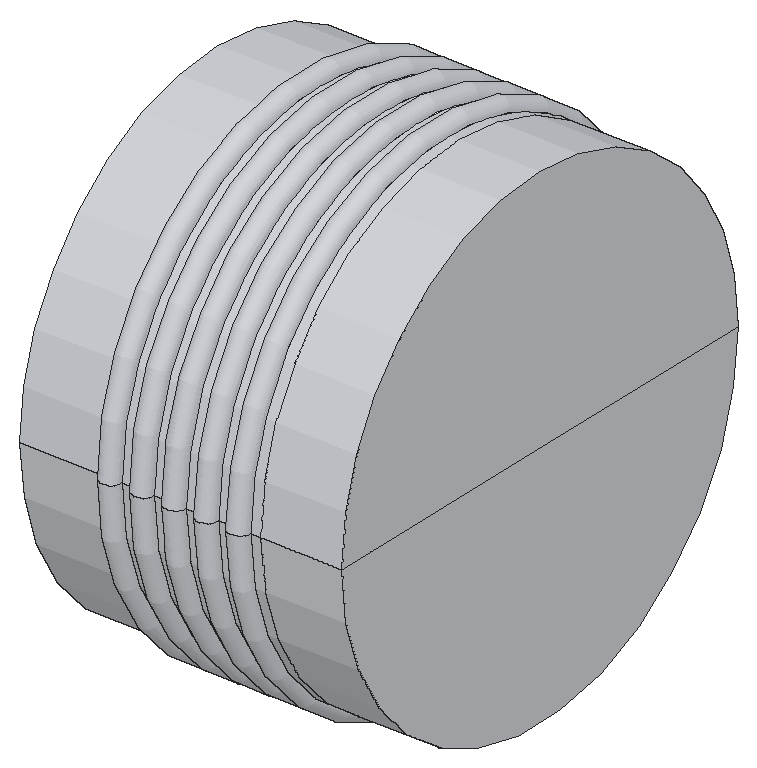
Revit family "Expansão abaixo - 65-500 mm - Solada - Aço", category Acessórios do tubo, Revit 2019
Family settings
  Cota do conector redondo = Usar raio
  Tipo de parte = Quebra em
  Com base no plano de trabalho = Não
  Sempre na vertical = Sim
  Corte com vazios quando carregada = Não
  Compartilhado = Não
Parameters (values of type "500mm")
  Espessura = 1.5
  URL = ""
  Comprimento 2 = Raio nominal * 0.4  # 100 mm
  Comprimento 1 = Comprimento do corpo / 4  # 82.5 mm
  K Coefficient = 0
  Raio do corpo = 7.5 mm
  Raio nominal = Diâmetro nominal / 2  # 250 mm
  Diâmetro nominal = 500 mm
  Model = ""
  Modelador = ""
  Manufacturer = ""
  Material abaixo = none
  Description = ""
  Comprimento do corpo = 330 mm
  Diâmetro do corpo = 508 mm
  Assembly Code = ""
Types (12, lengths in mm): name | Comprimento 2 | Comprimento 1 | Raio nominal | Diâmetro nominal | Comprimento do corpo | Diâmetro do corpo
  65mm | 13 | 57.5 | 32.5 | 65 | 230 | 73
  80mm | 16 | 65 | 40 | 80 | 260 | 88.9
  100mm | 20 | 85 | 50 | 100 | 340 | 114.3
  125mm | 25 | 85 | 62.5 | 125 | 340 | 141.3
  150mm | 30 | 86.25 | 75 | 150 | 345 | 168.3
  200mm | 40 | 87.5 | 100 | 200 | 350 | 219.1
  250mm | 50 | 92.5 | 125 | 250 | 370 | 273
  300mm | 60 | 92.5 | 150 | 300 | 370 | 323.8
  350mm | 70 | 82.5 | 175 | 350 | 330 | 355.6
  400mm | 80 | 82.5 | 200 | 400 | 330 | 406.4
  450mm | 90 | 82.5 | 225 | 450 | 330 | 457
  500mm | 100 | 82.5 | 250 | 500 | 330 | 508
Reference planes
  plane 1 "Centro (frente/trás)": y = 0
  plane 2: z = 0
  plane 3 "Centro (direita/esquerda)": x = 0
  plane 4 "Plano BL": x = 330
  plane 5: x = 82.5
  plane 6: x = 247.5
  plane 7: x = 93.5
  plane 8: x = 115.5
  plane 9: x = 137.5
  plane 10: x = 159.5
  plane 11: x = 181.5
  plane 12: x = 203.5
  plane 13: x = 225.5
  plane 14: x = 236.5
  plane 15: y = 254
  plane 16: y = -254
  plane 17: x = 104.5
  plane 18: x = 126.5
  plane 19: x = 148.5
  plane 20: x = 170.5
  plane 21: x = 192.5
  plane 22: x = 214.5
  plane 23: y = 100
  plane 24: y = -100
Forms (mm)
  Revolve 1, solid, material <- "Material abaixo", detail levels fine
    sketch origin (0, 0, 0) x (1, 0, 0) y (0, 1, 0)
      loop
        line (330, 0) -> (330, 254) -> (247.5, 254) -> (236.5, 254)
        arc (236.5, 254) -> (225.5, 265) -> (214.5, 254) r 11
        line (214.5, 254) -> (203.5, 254)
        arc (203.5, 254) -> (192.5, 265) -> (181.5, 254) r 11
        line (181.5, 254) -> (170.5, 254)
        arc (170.5, 254) -> (159.5, 265) -> (148.5, 254) r 11
        line (148.5, 254) -> (137.5, 254)
        arc (137.5, 254) -> (126.5, 265) -> (115.5, 254) r 11
        line (115.5, 254) -> (104.5, 254)
        arc (104.5, 254) -> (93.5, 265) -> (82.5, 254) r 11
        line (82.5, 254) -> (0, 254) -> (0, 0) -> (330, 0)
      axis (0, 0) -> (330, 0)
    angle from 0 to 360
Lines and regions (mm)
  model lines, detail levels coarse+medium
    curve 1: line (0, -100, 0) -> (0, 100, 0)
    curve 2: line (0, 0, 0) -> (330, 0, 0)
    curve 3: line (330, 100, 0) -> (330, -100, 0)
Dimensions and locks
  "Comprimento do corpo": plane 3 "Centro (direita/esquerda)" to plane 4 "Plano BL"
  "Comprimento 1": plane 3 "Centro (direita/esquerda)" to plane 5
  "Comprimento 1": plane 6 to plane 4 "Plano BL"
  equal spacing: plane 15, plane 1 "Centro (frente/trás)", plane 16
  "Diâmetro do corpo": plane 15 to plane 16
  equal spacing: plane 5, plane 7, plane 17, plane 8, plane 18, plane 9, plane 19, plane 10, plane 20, plane 11, plane 21, plane 12, plane 22, plane 13, plane 14, plane 6
  "Comprimento 2": plane 23 to plane 1 "Centro (frente/trás)"
  "Comprimento 2": plane 24 to plane 1 "Centro (frente/trás)"
  aligned and locked: plane 1 "Centro (frente/trás)" to Revolve 1 sketch curve
  aligned and locked: Revolve 1 sketch curve to plane 1 "Centro (frente/trás)"
  aligned and locked: plane 3 "Centro (direita/esquerda)" to Revolve 1 sketch curve
  aligned and locked: Revolve 1 sketch curve to plane 15  (x2)
  aligned and locked: Revolve 1 sketch curve to plane 4 "Plano BL"
  aligned and locked: plane 3 "Centro (direita/esquerda)" to curve 1
  aligned and locked: plane 24 to curve 1
  aligned and locked: plane 23 to curve 1
  aligned and locked: plane 1 "Centro (frente/trás)" to curve 2
  aligned and locked: plane 3 "Centro (direita/esquerda)" to curve 2
  aligned and locked: plane 4 "Plano BL" to curve 2
  aligned and locked: curve 3 to plane 4 "Plano BL"
  aligned and locked: plane 24 to curve 3
  aligned and locked: plane 23 to curve 3
Automatic sketch dimensions
  Revolve 1 sketch curve to plane 5 = 0 mm
  Revolve 1 sketch curve to plane 7 = 0 mm
  Revolve 1 sketch curve to plane 8 = 0 mm
  Revolve 1 sketch curve to plane 18 = 0 mm
  Revolve 1 sketch curve to plane 19 = 0 mm
  Revolve 1 sketch curve to plane 10 = 0 mm
  Revolve 1 sketch curve to plane 11 = 0 mm
  Revolve 1 sketch curve to plane 21 = 0 mm
  Revolve 1 sketch curve to plane 22 = 0 mm
  Revolve 1 sketch curve to plane 14 = 0 mm
  Revolve 1 sketch curve to plane 6 = 0 mm
  Revolve 1 sketch curve to Revolve 1 sketch curve = 30.77 mm
  plane 4 "Plano BL" to Revolve 1 sketch curve = 49.23 mm
Connectors
  piping at (0, 0, 0), diameter 500, driven by "Raio nominal"
    settings: on Revolve 1, index 1, connector inside diameter 500 mm, connector length 0 mm, flow factor 0, pipe flow 0.0 L/s, pressure drop 0.0 Pa, fitting loss kfactor 0, connector angle 0.00°, fixture units 0, engagement length 0 mm, angle of deflection 0.00°, flow configuration 0, flow direction 0, fitting loss method 0, system type 29, joint type 0, gender type 0, connector reference index 2, connector utility 0, adjustable connector no, is connector primary yes, connector description ""
  piping at (330, 0, 0), diameter 500, driven by "Raio nominal"
    settings: on Revolve 1, index 2, connector inside diameter 500 mm, connector length 0 mm, flow factor 0, pipe flow 0.0 L/s, pressure drop 0.0 Pa, fitting loss kfactor 0, connector angle 0.00°, fixture units 0, engagement length 0 mm, angle of deflection 0.00°, flow configuration 0, flow direction 0, fitting loss method 0, system type 29, joint type 0, gender type 0, connector reference index 1, connector utility 0, adjustable connector no, is connector primary no, connector description ""
